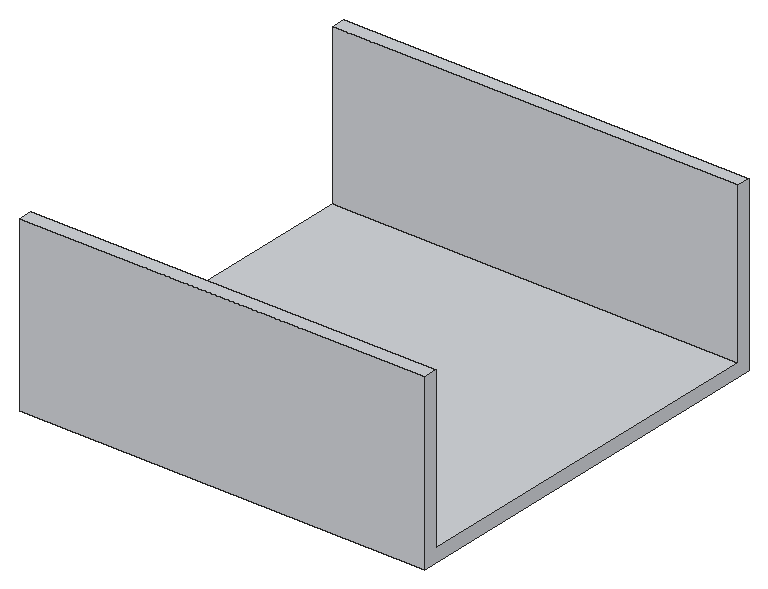
Revit family "M_União de guia", category Conexões da bandeja de cabos, Revit 2019
Family settings
  Cota do conector redondo = Utilizar diâmetro
  Tipo de parte = União de canal
  Número OmniClass = 23.80.30.17.17
  Título OmniClass = Cable Trays and Horizontal Racks
  ID de item do Seek = Channel Union-0000-CAN-ENU
  Com base no plano de trabalho = Não
  Sempre na vertical = Sim
  Corte com vazios quando carregada = Não
  Compartilhado = Não
Parameters (values of type "Padrão")
  Tamanho da bandeja [instance] = 75 mm
  Comprimento da bandeja [instance] = 75 mm
  Altura da bandeja [instance] = 32 mm
  built-in parameter 1140111 [instance] = 2.5 mm
Reference planes
  plane 1 "Centro (Frente/Trás)": y = 0
  plane 2: z = 0
  plane 3 "Centro (Esquerda/Direita)": x = 0
  plane 4: x = 37.5
  plane 5: y = 37.5
  plane 6: y = -37.5
  plane 7: z = 16
  plane 8: z = -16
  plane 9: z = -13.5
  plane 10: y = 35
  plane 11: y = -35
  plane 12: y = 37.5
  plane 13: y = -37.5
  plane 14: z = 16
  plane 15: z = -16
  plane 16: x = 75
Forms (mm)
  Sweep 1, solid, detail levels fine
    path in 3D
      loop
        line (0, 0, 0) -> (75, 0, 0)
    profile origin (37.5, 0, 0) x (0, 1, 0) y (0, 0, 1)
      loop
        line (37.5, -16) -> (37.5, 16) -> (35, 16) -> (35, -13.5) -> (-35, -13.5) -> (-35, 16) -> (-37.5, 16) -> (-37.5, -16) -> (37.5, -16)
  Sweep 2, solid, detail levels medium
    path in 3D
      loop
        line (0, 0, 0) -> (75, 0, 0)
    profile origin (37.5, 0, 0) x (0, 1, 0) y (0, 0, 1)
      loop
        line (37.5, 16) -> (-37.5, 16) -> (-37.5, -16) -> (37.5, -16) -> (37.5, 16)
Lines and regions (mm)
  model lines, detail levels coarse
    curve 1: line (0, 0, 0) -> (75, 0, 0)
  sketch lines
    curve 2: line (0, 0, 0) -> (75, 0, 0)
    curve 3: line (0, 0, 0) -> (75, 0, 0)
Dimensions and locks
  equal spacing: plane 5, plane 1 "Centro (Frente/Trás)", plane 6
  "Tamanho da bandeja": plane 5 to plane 6
  equal spacing: plane 7, plane 2, plane 8
  "Altura da bandeja": plane 7 to plane 8
  "built-in parameter 1140111": plane 5 to plane 10
  "built-in parameter 1140111": plane 11 to plane 6
  "built-in parameter 1140111": plane 8 to plane 9
  "Tamanho da bandeja": plane 12 to plane 13
  equal spacing: plane 12, plane 1 "Centro (Frente/Trás)", plane 13
  equal spacing: plane 14, plane 2, plane 15
  "Altura da bandeja": plane 14 to plane 15
  equal spacing: plane 3 "Centro (Esquerda/Direita)", plane 4, plane 16
  "Comprimento da bandeja": plane 3 "Centro (Esquerda/Direita)" to plane 16
  aligned and locked: plane 1 "Centro (Frente/Trás)" to curve 1
  aligned and locked: plane 6 to Sweep 1 sketch curve  (x2)
  aligned and locked: plane 8 to Sweep 1 sketch curve  (x2)
  aligned and locked: Sweep 1 sketch curve to plane 5
  aligned and locked: plane 7 to Sweep 1 sketch curve  (x3)
  aligned and locked: plane 11 to Sweep 1 sketch curve  (x2)
  aligned and locked: plane 9 to Sweep 1 sketch curve  (x2)
  aligned and locked: plane 10 to Sweep 1 sketch curve  (x2)
  aligned and locked: Sweep 1 sketch curve to plane 7
  aligned and locked: Sweep 2 sketch curve to plane 14
  aligned and locked: Sweep 2 sketch curve to plane 15
  aligned and locked: plane 13 to Sweep 2 sketch curve
  aligned and locked: plane 12 to Sweep 2 sketch curve
  aligned and locked: plane 16 to curve 1
  aligned and locked: plane 3 "Centro (Esquerda/Direita)" to curve 1
Connectors
  cabletrayconduit at (0, 0, 0), diameter 609.6, driven by "Altura da bandeja", driven by "Tamanho da bandeja"
    settings: on Sweep 2, index 1, connector width 75 mm, connector height 32 mm, connector angle 0.00°, system type 32, placement type 0, profile type 1, connector reference index 2, is primary connector yes, connector utility param no, connector description ""
  cabletrayconduit at (75, 0, 0), diameter 609.6, driven by "Altura da bandeja", driven by "Tamanho da bandeja"
    settings: on Sweep 2, index 2, connector width 75 mm, connector height 32 mm, connector angle 0.00°, system type 32, placement type 0, profile type 1, connector reference index 1, is primary connector no, connector utility param no, connector description ""
